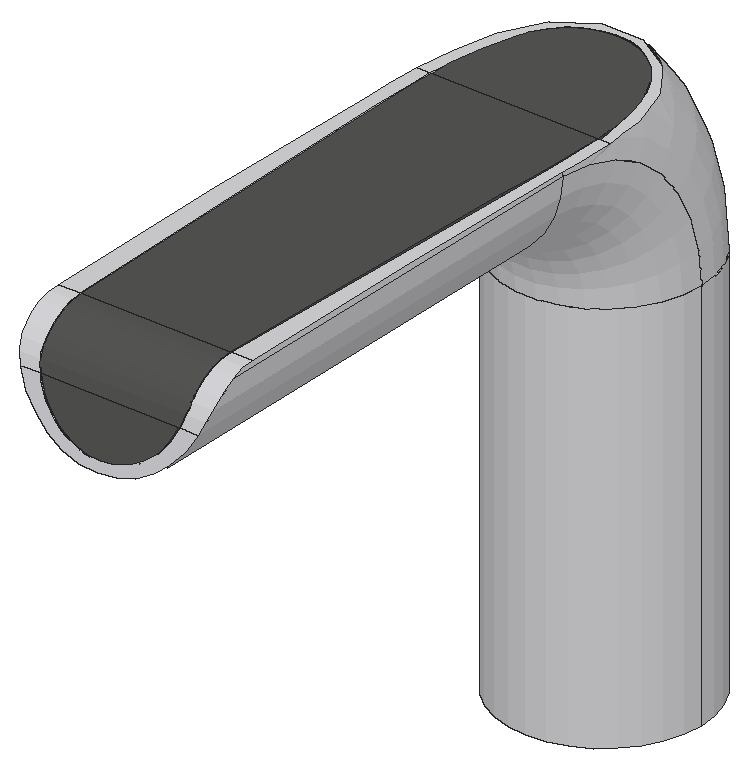
Revit family "Faucet_Touchless-Lavatory-KOHLER-AVID-K-29937T_1", category Plumbing Fixtures, host Face, Revit 2017
Family settings
  Host = Face
  Round Connector Dimension = Use Diameter
  Part Type = Normal
  OmniClass Number = 23.31.11.00
  OmniClass Title = Faucets
  Cut with Voids When Loaded = No
  Shared = No
  Room Calculation Point = No
Parameters (values of type "CP- Polished Chrome")
  Width = 2 1/128"  # constant formula
  WaterSense Certified = 1 = 0  # no
  Waste Water Outlet = "Waste Water Outlet"  # constant formula
  Waste Connection = 1 = 0  # no
  Voltage = 220 V  # constant formula
  Vent Connection = 1 = 0  # no
  URL = "http://www.kohler.com.cn/"
  Type = 1
  Tempered Water Inlet = "Tempered Water Inlet"  # constant formula
  Spout Reach = 5 81/256"  # constant formula
  Product Page URL = "https://www.kohler.com.cn/product/K-29937T-CP/K-29937T-CP/"
  Product Name = "AVID"  # constant formula
  Product Documentation Link = "https://files.kohler.com.cn/pdfs/1567504503784_29936T.pdf"
  Pressure = 60.00 psi  # constant formula
  Model = "K-29937T-CP"  # constant formula
  Material = "Premium Metal Construction"  # constant formula
  Master Format 2014 Name = "Residential Faucets, Supplies, and Trim"  # constant formula
  Master Format 2014 = "22 41 39"  # constant formula
  Manufacturer Address = "Kohler Beijing Office (100016) 36-2-03-B, No. 88, Liuxiang Road, Beijing"  # constant formula
  Manufacturer = "KOHLER Co."  # constant formula
  Length = Spout Reach  # 5 81/256"
  Hot Water Inlet = "Hot Water Inlet"  # constant formula
  Height = 5 121/128"  # constant formula
  Handle Clearance = 0"
  HW Connection = 1 = 1  # yes
  Flow Rate = 0.5 GPM  # constant formula
  Finish = Kohler-Metal-CP-Polished_Chrome
  Faucet Hole Spacing = 0"
  Environmental Product Declaration = ""
  Electrical Note = "One Dedicated Circuit Required"  # constant formula
  Electrical Connector = 1 = 1  # yes
  Drain Included = 1 = 1  # yes
  Description = "Soap liquid sensor faucet hot and cold, AC with power box, 1.9 liters"  # constant formula
  Default Elevation = 36"
  Declare Label = ""
  Date Modified = "06/21/2021"  # constant formula
  Date Created = "06/21/2021"  # constant formula
  Copyright = "Copyright KOHLER Co."  # constant formula
  Contact Us = "http://www.kohler.com.cn/contact/contact-us/"
  Cold Water Inlet = "Cold Water Inlet"  # constant formula
  CW Connection = 1 = 0  # no
  Assembly Code = "D2010"
  Apparent Load = 0 VA
  ADA Compliant = 1 = 0  # no
Reference planes (in)
  plane 1 "Center (Front/Back)": y = 0
  plane 2: z = 0
  plane 3 "Center (Left/Right)": x = 0
  plane 4: y = 1.00394
  plane 5: y = -1.00394
  plane 6: y = -5.31641
  plane 7: z = 5.94531
  plane 8: z = 4.84252
  plane 9: y = -6.51575
  plane 10: x = -1.00394
  plane 11: x = 1.00388
  plane 12: x = -0.53355
Dimensions and locks (in)
  "Width": plane 10 to plane 11
  plane 4 to plane 9 = 7.51969"
  "Length": plane 6 to plane 1 "Center (Front/Back)"
  "Height": level to plane 7
  "Spout Reach": plane 1 "Center (Front/Back)" to plane 6
  level to plane 8 = 4.84252"
  aligned and locked: plane 2 to host face
  aligned and locked: level to host face
  aligned and locked: plane 3 "Center (Left/Right)" to nested 1
  aligned and locked: plane 1 "Center (Front/Back)" to nested 1
Automatic sketch dimensions
  host sketch curve to host sketch curve = 96"  (x2)
Nested families (in)
  nested 1: "K-29937T" at (0, 0, 0), type "K-29937T"
Connectors (in)
  piping at (0, 0, 0), diameter 0.5, driven by "Flow Rate", driven by "Pressure", driven by "HW Connection", driven by "Tempered Water Inlet"
    settings: on nested 1, index 1, connector inside diameter 24", connector length 0", flow factor 0, pipe flow 0.5 GPM, pressure drop 60.00 psi, fitting loss kfactor 0, connector angle 0.00°, fixture units 0, engagement length 0", angle of deflection 0.00°, flow configuration 1, flow direction 1, fitting loss method 4, system type 7, joint type 0, gender type 0, connector reference index -1, connector utility 1, adjustable connector no, is connector primary yes, connector description "Tempered Water Inlet"
  electrical at (-0.53355, 0, 0), driven by "Voltage", driven by "Apparent Load", driven by "Electrical Connector", driven by "Electrical Note"
    settings: on nested 1, index 2, voltage 220 V, apparent load 0 VA, apparent load phase1 0 VA, apparent load phase2 0 VA, apparent load phase3 0 VA, power factor 1, load classification "Power", number of poles 1, system type 30, power factor state 1, is connector primary yes, connector utility yes, sub classification motor no, connector description "One Dedicated Circuit Required"
Definition of nested family "K-29937T"
  Parameters (values of type "K-29937T")
    Material = none
  Reference planes (in)
    plane 1 "Center (Front/Back)": y = 0
    plane 2: z = 0
    plane 3 "Center (Left/Right)": x = 0
    plane 4: y = 1.00394
    plane 5: y = -1.00394
    plane 6: z = 4.84252
    plane 7: y = -6.51575
    plane 8: y = -5.31496
    plane 9: z = 5.94488
    plane 10: x = -1.00394
    plane 11: x = 1.00394
    plane 12: x = -0.53355
  Forms (in)
    Sweep 1, solid, material <- "Material", detail levels medium+fine
      path origin (0, 0, 0) x (0, 1, 0) y (0, 0, 1)
        loop
          line (-7.30315, 4.84252) -> (-1.79134, 4.84252)
          arc (-1.79134, 4.84252) -> (-1.23456, 4.6119) -> (-1.00394, 4.05512) r 0.7874
          line (-1.00394, 4.05512) -> (-1.00394, 0)
      profile origin (0, -1.00394, 0) x (1, 0, 0) y (0, 1, 0)
        loop
          circle (0, 1.00394) r 1.00394
    Sweep 2, void
      path origin (0, 0, 0) x (0, 1, 0) y (0, 0, 1)
        loop
          arc (1.71456, 6.26022) -> (0.2916, 5.95518) -> (-1.16145, 5.8743) r 9.36409
          arc (-1.16145, 5.8743) -> (-3.46683, 5.90671) -> (-5.77244, 5.90165) r 141.85922
          arc (-5.77244, 5.90165) -> (-6.1455, 5.77178) -> (-6.36411, 5.44278) r 0.61915
          line (-6.36411, 5.44278) -> (-6.61885, 4.49206)
      profile origin (0, -3.46683, 5.90671) x (0, -0.00593, -0.999982) y (1, 0, 0)
        loop
          line (0, -1.12832) -> (0, 1.0801) -> (-1.5748, 1.0801) -> (-1.5748, -1.12832) -> (0, -1.12832)
    Extrusion 3, void
      sketch origin (0, 0, 0) x (1, 0, 0) y (0, 1, 0)
        loop
          line (0.75256, -6.71304) -> (0.85261, -2.38233)
          arc (0.85261, -2.38233) -> (0.85983, -2.03068) -> (0.86522, -1.679) r 68.00565
          arc (0.86522, -1.679) -> (0.86542, -1.37934) -> (0.85836, -1.07977) r 12.37796
          arc (0.85836, -1.07977) -> (0.84038, -0.85539) -> (0.80261, -0.63349) r 2.54101
          arc (0.80261, -0.63349) -> (0.76559, -0.49133) -> (0.7168, -0.35276) r 1.75429
          arc (0.7168, -0.35276) -> (0.63216, -0.18968) -> (0.5173, -0.04627) r 0.9361
          arc (0.5173, -0.04627) -> (-0.08895, 0.16898) -> (-0.63027, -0.17865) r 0.73043
          arc (-0.63027, -0.17865) -> (-0.65047, -0.21403) -> (-0.66886, -0.25038) r 0.80982
          arc (-0.66886, -0.25038) -> (-0.78695, -0.56902) -> (-0.84719, -0.90345) r 1.92533
          arc (-0.84719, -0.90345) -> (-0.86258, -1.13579) -> (-0.86695, -1.36859) r 4.91548
          arc (-0.86695, -1.36859) -> (-0.86208, -1.87535) -> (-0.85244, -2.38203) r 53.90553
          line (-0.85244, -2.38203) -> (-0.7497, -6.71304) -> (0.75256, -6.71304)
      from 6.22945 to 5.70304
    Extrusion 4, void
      sketch origin (0, 0, 0) x (1, 0, 0) y (0, 0, 1)
        loop
          arc (-0.76139, 5.70304) -> (0.00128, 4.94038) -> (0.76394, 5.70304) r 0.76266
          line (0.76394, 5.70304) -> (-0.76139, 5.70304)
      from 5.6115 to 6.89926
    Extrusion 5, solid
      sketch origin (0, 0, 0) x (1, 0, 0) y (0, 1, 0)
        loop
          line (0.75256, -6.71304) -> (0.85261, -2.38233)
          arc (0.85261, -2.38233) -> (0.85983, -2.03068) -> (0.86522, -1.679) r 68.00565
          arc (0.86522, -1.679) -> (0.86542, -1.37934) -> (0.85836, -1.07977) r 12.37796
          arc (0.85836, -1.07977) -> (0.84038, -0.85539) -> (0.80261, -0.63349) r 2.54101
          arc (0.80261, -0.63349) -> (0.76559, -0.49133) -> (0.7168, -0.35276) r 1.75429
          arc (0.7168, -0.35276) -> (0.63216, -0.18968) -> (0.5173, -0.04627) r 0.9361
          arc (0.5173, -0.04627) -> (-0.08895, 0.16898) -> (-0.63027, -0.17865) r 0.73043
          arc (-0.63027, -0.17865) -> (-0.65047, -0.21403) -> (-0.66886, -0.25038) r 0.80982
          arc (-0.66886, -0.25038) -> (-0.78695, -0.56902) -> (-0.84719, -0.90345) r 1.92533
          arc (-0.84719, -0.90345) -> (-0.86258, -1.13579) -> (-0.86695, -1.36859) r 4.91548
          arc (-0.86695, -1.36859) -> (-0.86208, -1.87535) -> (-0.85244, -2.38203) r 53.90553
          line (-0.85244, -2.38203) -> (-0.7497, -6.71304) -> (0.75256, -6.71304)
      from 4.7703 to 6.07648
    Extrusion 6, void
      sketch origin (0, 0, 0) x (1, 0, 0) y (0, 0, 1)
        loop
          line (-0.75249, 5.58692) -> (-1.05093, 5.58692) -> (-1.05093, 4.52193) -> (1.15764, 4.52193) -> (1.15764, 5.58692) -> (0.75505, 5.58692)
          arc (0.75505, 5.58692) -> (0.00128, 4.94038) -> (-0.75249, 5.58692) r 0.76266
      from -0.59237 to 6.63358
    Revolve 7, void
      sketch origin (0, 0, 0) x (0, 1, 0) y (0, 0, 1)
        loop
          line (-5.05394, 4.72086) -> (-5.02788, 4.86862) -> (-5.28993, 4.91483) -> (-5.31598, 4.76707) -> (-5.05394, 4.72086)
        axis (-5.31598, 4.76707) -> (-5.28993, 4.91483)
      angle from 0 to 360
    Extrusion 8, void
      sketch origin (0, 0, 0) x (1, 0, 0) y (0, 1, 0)
        loop
          line (0.10015, -5.81283) -> (-0.09922, -5.81283)
          arc (-0.09922, -5.81283) -> (-0.35026, -6.06388) -> (-0.09922, -6.31492) r 0.25104
          line (-0.09922, -6.31492) -> (0.10015, -6.31492)
          arc (0.10015, -6.31492) -> (0.35119, -6.06388) -> (0.10015, -5.81283) r 0.25104
      from 4.51646 to 4.92465
    Extrusion 9, void
      sketch origin (0, 0, 0) x (1, 0, 0) y (0, 1, 0)
        loop
          circle (-0.00068, -4.68516) r 0.06877
        loop
          circle (0.00049, -2.32263) r 0.12865
      from 4.71433 to 4.87664
    Revolve 10, solid, material <- "Material"
      sketch origin (0, 0, 0) x (0, 1, 0) y (0, 0, 1)
        loop
          line (-5.06328, 4.79112) -> (-5.03821, 4.81142) -> (-5.02812, 4.86867) -> (-5.07956, 4.87774) -> (-5.09388, 4.79651) -> (-5.06328, 4.79112)
        axis (-5.28932, 4.91472) -> (-5.30364, 4.8335)
      angle from 0 to 360
    Extrusion 11, solid, detail levels medium+fine
      sketch origin (0, 0, 0) x (1, 0, 0) y (0, 1, 0)
        loop
          circle (-0.00068, -4.68516) r 0.06877
        loop
          circle (-0.00068, -4.68516) r 0.03885
      from 4.84252 to 4.87664
    Revolve 12, solid, detail levels medium+fine
      sketch origin (0, 0, 0.01692) x (0, 1, 0) y (0, 0, 1)
        loop
          line (-2.323, 4.83465) -> (-2.323, 5.00035) -> (-2.45057, 5.00035) -> (-2.45057, 4.85518)
          arc (-2.45057, 4.85518) -> (-2.44456, 4.84066) -> (-2.43004, 4.83465) r 0.02053
          line (-2.43004, 4.83465) -> (-2.323, 4.83465)
        axis (-2.323, 4.83465) -> (-2.323, 5.00035)
      angle from 0 to 360
    Extrusion 13, solid
      sketch origin (0, 0, 0) x (1, 0, 0) y (0, 1, 0)
        loop
          line (0.10015, -5.81283) -> (-0.09922, -5.81283)
          arc (-0.09922, -5.81283) -> (-0.35026, -6.06388) -> (-0.09922, -6.31492) r 0.25104
          line (-0.09922, -6.31492) -> (0.10015, -6.31492)
          arc (0.10015, -6.31492) -> (0.35119, -6.06388) -> (0.10015, -5.81283) r 0.25104
      from 4.90591 to 4.94168
    Extrusion 14, solid
      sketch origin (0, -5.30364, 4.8335) x (-1, 0, 0) y (0, 0.984808, -0.173648)
        loop
          circle (0, 0) r 0.213
      from 0 to -0.1162
    Sweep 15, solid, material <- "Material", detail levels coarse
      path origin (0, 0, 0) x (0, 1, 0) y (0, 0, 1)
        loop
          line (-7.30315, 4.84252) -> (-1.00394, 4.84252) -> (-1.00394, 0)
      profile origin (0, -1.00394, 0) x (1, 0, 0) y (0, 1, 0)
        loop
          circle (0, 1.00394) r 1.00394
    Extrusion 16, solid, material <- "Material", detail levels medium+fine
      sketch origin (0, 0, 0) x (1, 0, 0) y (0, 1, 0)
        loop
          circle (0, 0) r 0.19685
      from 0 to 0.06787
    Extrusion 17, solid, material <- "Material", detail levels medium+fine
      sketch origin (0, 0, 0) x (1, 0, 0) y (0, 1, 0)
        loop
          circle (-0.53355, 0) r 0.19685
      from 0 to 0.21681
  Cuts and joins
    Sweep 2, Extrusion 3, Extrusion 4, Revolve 7, Extrusion 8, Extrusion 9 cuts Sweep 1
    Sweep 2, Extrusion 6 cuts Extrusion 5
    Sweep 2, Extrusion 3, Extrusion 4, Revolve 7, Extrusion 8 cuts Sweep 15
  Lines and regions (in)
    Masking region 1
      outline origin (0, 0, 0) x (0, 1, 0) y (0, 0, 1)
        loop
          line (-1.00394, 0) -> (1.00394, 0) -> (1.00394, 4.04902)
          arc (1.00394, 4.04902) -> (0.81298, 5.0662) -> (0.26612, 5.94488) r 2.80467
          arc (0.26612, 5.94488) -> (-0.4464, 5.88404) -> (-1.16145, 5.8743) r 9.99228
          arc (-1.16145, 5.8743) -> (-3.46683, 5.90671) -> (-5.77244, 5.90165) r 141.85922
          arc (-5.77244, 5.90165) -> (-6.1455, 5.77178) -> (-6.36411, 5.44278) r 0.61915
          line (-6.36411, 5.44278) -> (-6.51575, 4.84252) -> (-6.32335, 4.84252)
          arc (-6.32335, 4.84252) -> (-6.28819, 4.86407) -> (-6.24999, 4.87959) r 0.25187
          arc (-6.24999, 4.87959) -> (-6.06384, 4.90811) -> (-5.87768, 4.87959) r 0.62181
          arc (-5.87768, 4.87959) -> (-5.84105, 4.86428) -> (-5.80783, 4.84252) r 0.21621
          line (-5.80783, 4.84252) -> (-5.57287, 4.84252)
          arc (-5.57287, 4.84252) -> (-5.52591, 4.85451) -> (-5.47842, 4.86422) r 1.00106
          line (-5.47842, 4.86422) -> (-5.06319, 4.791) -> (-5.03927, 4.81037) -> (-5.03065, 4.84252) -> (-2.45078, 4.84252)
          arc (-2.45078, 4.84252) -> (-2.32225, 4.85069) -> (-2.19372, 4.84252) r 1.01551
          line (-2.19372, 4.84252) -> (-1.79134, 4.84252)
          arc (-1.79134, 4.84252) -> (-1.23456, 4.6119) -> (-1.00394, 4.05512) r 0.7874
          line (-1.00394, 4.05512) -> (-1.00394, 0)
    Masking region 2
      outline origin (0, 0, 0) x (1, 0, 0) y (0, 0, 1)
        loop
          line (-1.00394, 0) -> (1.00394, 0) -> (1.00394, 5.90918) -> (0.71395, 5.90918)
          arc (0.71395, 5.90918) -> (0, 5.94488) -> (-0.71395, 5.90918) r 7.15661
          line (-0.71395, 5.90918) -> (-1.00394, 5.90918) -> (-1.00394, 0)
    Masking region 3
      outline origin (0, 0, 0) x (1, 0, 0) y (0, 1, 0)
        loop
          spline (-1.00394, -6.02166) -> (-1.00372, -6.06342) -> (-1.00295, -6.10306) -> (-1.00141, -6.14067) -> (-0.99889, -6.17628) -> (-0.99516, -6.20966) -> (-0.98998, -6.24051) -> (-0.98314, -6.26857) -> (-0.97449, -6.29367) -> (-0.96395, -6.31569) -> (-0.95138, -6.33455) -> (-0.93663, -6.35025) -> (-0.91952, -6.36283)
          arc (-0.91952, -6.36283) -> (-0.83921, -6.40442) -> (-0.75427, -6.43548) r 0.71095
          arc (-0.75427, -6.43548) -> (-0.57354, -6.47894) -> (-0.38932, -6.50381) r 1.82641
          arc (-0.38932, -6.50381) -> (0, -6.51575) -> (0.38932, -6.50381) r 6.3551
          arc (0.38932, -6.50381) -> (0.57354, -6.47894) -> (0.75427, -6.43548) r 1.82641
          arc (0.75427, -6.43548) -> (0.83921, -6.40442) -> (0.91952, -6.36283) r 0.71095
          spline (0.91952, -6.36283) -> (0.93663, -6.35025) -> (0.95138, -6.33455) -> (0.96395, -6.31569) -> (0.97449, -6.29367) -> (0.98314, -6.26857) -> (0.98998, -6.24051) -> (0.99516, -6.20966) -> (0.99889, -6.17628) -> (1.00141, -6.14067) -> (1.00295, -6.10306) -> (1.00372, -6.06342) -> (1.00394, -6.02166)
          line (1.00394, -6.02166) -> (1.00394, 0.00008)
          arc (1.00394, 0.00008) -> (0, 1.00402) -> (-1.00394, 0.00008) r 1.00394
          line (-1.00394, 0.00008) -> (-1.00394, -6.02166)
    symbolic lines, detail levels medium+fine
      curve 1: line (0, -1.00394, 4.05512) -> (0, 1.00393, 4.05512)
      curve 2: line (0, -2.32263, 4.85068) -> (0, -2.32263, 5.89531)
      curve 3: arc (0, 0.27665, 5.93333) -> (0, -0.4411, 5.86633) -> (0, -1.16189, 5.85462) r 9.38377
      curve 4: arc (0, -1.16189, 5.85462) -> (0, -3.46695, 5.88703) -> (0, -5.77224, 5.88196) r 141.83953
      curve 5: arc (0, -5.77224, 5.88196) -> (0, -6.13338, 5.75627) -> (0, -6.34506, 5.43782) r 0.59947
      curve 6: line (0, -6.34506, 5.43782) -> (0, -6.49544, 4.84252)
      curve 7: arc (0, -5.03249, 4.84252) -> (0, -5.25424, 4.87836) -> (0, -5.47842, 4.86422) r 1.00847
      curve 8: line (0, -5.03821, 4.81142) -> (0, -5.39883, 4.87501)
      curve 9: arc (0, -4.61639, 4.84252) -> (0, -4.68516, 4.84492) -> (0, -4.75393, 4.84252) r 0.98449
      curve 10: arc (-1.00394, 0, 5.84646) -> (0, 0, 4.84252) -> (1.00394, 0, 5.84646) r 1.00394
      curve 11: spline (0, 0, 4.79112) -> (0.04566, 0, 4.79187) -> (0.08971, 0, 4.79408) -> (0.13059, 0, 4.7977) -> (0.16686, 0, 4.80257) -> (0.19724, 0, 4.80854) -> (0.22065, 0, 4.81539) -> (0.23627, 0, 4.82287) -> (0.24355, 0, 4.83074) -> (0.24223, 0, 4.8387) -> (0.23235, 0, 4.84648) -> (0.21427, 0, 4.8538) -> (0.18862, 0, 4.8604)
      curve 12: spline (-0.18862, 0, 4.8604) -> (-0.21427, 0, 4.8538) -> (-0.23235, 0, 4.84648) -> (-0.24223, 0, 4.8387) -> (-0.24355, 0, 4.83074) -> (-0.23627, 0, 4.82287) -> (-0.22065, 0, 4.81539) -> (-0.19724, 0, 4.80854) -> (-0.16686, 0, 4.80257) -> (-0.13059, 0, 4.7977) -> (-0.08971, 0, 4.79408) -> (-0.04566, 0, 4.79187) -> (0, 0, 4.79112)
      curve 13: spline (0, 0, 4.79651) -> (0.03955, 0, 4.79716) -> (0.07773, 0, 4.79906) -> (0.11321, 0, 4.80217) -> (0.14474, 0, 4.80636) -> (0.17124, 0, 4.8115) -> (0.19179, 0, 4.81741) -> (0.20566, 0, 4.82387) -> (0.21238, 0, 4.83067) -> (0.21171, 0, 4.83757) -> (0.20367, 0, 4.84433) -> (0.18855, 0, 4.85071) -> (0.16688, 0, 4.85649)
      curve 14: spline (-0.16688, 0, 4.85649) -> (-0.18855, 0, 4.85071) -> (-0.20367, 0, 4.84433) -> (-0.21171, 0, 4.83757) -> (-0.21238, 0, 4.83067) -> (-0.20566, 0, 4.82387) -> (-0.19179, 0, 4.81741) -> (-0.17124, 0, 4.8115) -> (-0.14474, 0, 4.80636) -> (-0.11321, 0, 4.80217) -> (-0.07773, 0, 4.79906) -> (-0.03955, 0, 4.79716) -> (0, 0, 4.79651)
      curve 15: arc (0.75505, 0, 5.58692) -> (0.00128, 0, 4.94038) -> (-0.75249, 0, 5.58692) r 0.76266
      curve 16: arc (-0.75249, 0, 5.58692) -> (-0.76569, 0, 5.71635) -> (-0.76558, 0, 5.84646) r 1.27036
      curve 17: arc (-0.76558, 0, 5.84646) -> (-0.77206, 0, 5.8812) -> (-0.79365, 0, 5.90918) r 0.07544
      curve 18: arc (0.77321, 0, 5.88634) -> (0.77104, 0, 5.73621) -> (0.75505, 0, 5.58692) r 1.62798
      curve 19: arc (0.79936, 0, 5.90918) -> (0.78087, 0, 5.90395) -> (0.77321, 0, 5.88634) r 0.02244
      curve 20: line (-0.2417, 0, 4.82761) -> (-0.26528, 0, 4.84668)
      curve 21: line (-0.26528, 0, 4.8782) -> (-0.26528, 0, 4.84668)
      curve 22: line (0.2417, 0, 4.82761) -> (0.26528, 0, 4.84668)
      curve 23: line (0.26528, 0, 4.8782) -> (0.26528, 0, 4.84668)
      curve 24: arc (-0.26528, 0, 4.84668) -> (-0.26209, 0, 4.85815) -> (-0.25343, 0, 4.86632) r 0.0222
      curve 25: arc (-0.25343, 0, 4.86632) -> (-0.24528, 0, 4.86951) -> (-0.23663, 0, 4.87081) r 0.03915
      curve 26: arc (0.26528, 0, 4.84668) -> (0.26209, 0, 4.85815) -> (0.25343, 0, 4.86632) r 0.0222
      curve 27: arc (0.25343, 0, 4.86632) -> (0.24528, 0, 4.86951) -> (0.23663, 0, 4.87081) r 0.03915
      curve 28: line (-1.00394, 0, 4.05512) -> (1.00394, 0, 4.05512)
      curve 29: line (0, 0, 4.05512) -> (0, 0, 4.44882)
      curve 30: arc (0, 0, 4.44882) -> (-0.02495, 0, 4.62854) -> (-0.09791, 0, 4.79468) r 0.65984
      curve 31: arc (0, 0, 4.44882) -> (0.02495, 0, 4.62854) -> (0.09791, 0, 4.79468) r 0.65984
      curve 32: line (-0.71395, 0, 5.90918) -> (0.71395, 0, 5.90918)
      curve 33: arc (0.5173, -0.04627, 0) -> (-0.08895, 0.16898, 0) -> (-0.63027, -0.17865, 0) r 0.73043
      curve 34: arc (-0.66886, -0.25038, 0) -> (-0.78695, -0.56902, 0) -> (-0.84719, -0.90345, 0) r 1.92533
      curve 35: arc (-0.63027, -0.17865, 0) -> (-0.65047, -0.21403, 0) -> (-0.66886, -0.25038, 0) r 0.80982
      curve 36: arc (0.7168, -0.35276, 0) -> (0.63216, -0.18968, 0) -> (0.5173, -0.04627, 0) r 0.9361
      curve 37: arc (0.80261, -0.63349, 0) -> (0.76559, -0.49133, 0) -> (0.7168, -0.35276, 0) r 1.75429
      curve 38: arc (0.85836, -1.07977, 0) -> (0.84038, -0.85539, 0) -> (0.80261, -0.63349, 0) r 2.54101
      curve 39: arc (0.86522, -1.679, 0) -> (0.86542, -1.37934, 0) -> (0.85836, -1.07977, 0) r 12.37796
      curve 40: arc (0.85261, -2.38233, 0) -> (0.85983, -2.03068, 0) -> (0.86522, -1.679, 0) r 68.00565
      curve 41: line (0.76302, -6.2601, 0) -> (0.85261, -2.38233, 0)
      curve 42: line (-0.85244, -2.38203, 0) -> (-0.76032, -6.26531, 0)
      curve 43: arc (-0.86695, -1.36859, 0) -> (-0.86208, -1.87535, 0) -> (-0.85244, -2.38203, 0) r 53.90553
      curve 44: arc (-0.84719, -0.90345, 0) -> (-0.86258, -1.13579, 0) -> (-0.86695, -1.36859, 0) r 4.91548
      curve 45: spline (-0.70478, -6.37105, 0) -> (-0.71233, -6.36647, 0) -> (-0.71938, -6.36107, 0) -> (-0.72592, -6.35488, 0) -> (-0.73194, -6.34789, 0) -> (-0.73743, -6.34012, 0) -> (-0.74239, -6.33159, 0) -> (-0.74679, -6.32231, 0) -> (-0.75064, -6.31229, 0) -> (-0.75392, -6.30157, 0) -> (-0.75663, -6.29015, 0) -> (-0.75877, -6.27805, 0) -> (-0.76032, -6.26531, 0)
      curve 46: spline (-0.70478, -6.37105, 0) -> (-0.63766, -6.40652, 0) -> (-0.54427, -6.43776, 0) -> (-0.42846, -6.46348, 0) -> (-0.29497, -6.48263, 0) -> (-0.14931, -6.49442, 0) -> (0.00255, -6.49836, 0) -> (0.15435, -6.49428, 0) -> (0.29986, -6.48237, 0) -> (0.43309, -6.46311, 0) -> (0.54857, -6.43728, 0) -> (0.64155, -6.40596, 0) -> (0.70821, -6.37043, 0)
      curve 47: spline (0.70821, -6.37043, 0) -> (0.71617, -6.36553, 0) -> (0.72352, -6.3598, 0) -> (0.73024, -6.35325, 0) -> (0.73633, -6.34588, 0) -> (0.74177, -6.33773, 0) -> (0.74655, -6.3288, 0) -> (0.75066, -6.31911, 0) -> (0.75409, -6.30869, 0) -> (0.75684, -6.29755, 0) -> (0.75889, -6.28571, 0) -> (0.76025, -6.27321, 0) -> (0.76091, -6.26006, 0)
      curve 48: line (0.08778, -0.81205, 0) -> (0.04131, -0.71318, 0)
      curve 49: line (0.03369, -0.80175, 0) -> (-0.01169, -0.70362, 0)
      curve 50: line (0.01927, -0.72345, 0) -> (0.05164, -0.79345, 0)
      curve 51: arc (0.04131, -0.71318, 0) -> (0.02517, -0.70733, 0) -> (0.01927, -0.72345, 0) r 0.01216
      curve 52: arc (0.05164, -0.79345, 0) -> (0.04682, -0.80657, 0) -> (0.03369, -0.80175, 0) r 0.00989
      curve 53: arc (-0.01169, -0.70362, 0) -> (-0.02683, -0.69808, 0) -> (-0.03232, -0.71323, 0) r 0.01138
      curve 54: line (-0.03232, -0.71323, 0) -> (0.01251, -0.80862, 0)
      curve 55: arc (0.01251, -0.80862, 0) -> (0.0076, -0.82225, 0) -> (-0.00603, -0.81734, 0) r 0.01024
      curve 56: line (-0.00603, -0.81734, 0) -> (-0.05863, -0.70544, 0)
      curve 57: arc (-0.05863, -0.70544, 0) -> (-0.07325, -0.70019, 0) -> (-0.07845, -0.71483, 0) r 0.01097
      curve 58: line (-0.07845, -0.71483, 0) -> (-0.02488, -0.82709, 0)
      curve 59: arc (-0.02488, -0.82709, 0) -> (-0.02963, -0.84051, 0) -> (-0.04305, -0.83577, 0) r 0.01007
      curve 60: line (-0.04305, -0.83577, 0) -> (-0.08779, -0.74201, 0)
      curve 61: arc (-0.08779, -0.74201, 0) -> (-0.10654, -0.73529, 0) -> (-0.11341, -0.75398, 0) r 0.01414
      curve 62: line (-0.11341, -0.75398, 0) -> (-0.04281, -0.90842, 0)
      curve 63: arc (-0.04281, -0.90842, 0) -> (-0.08176, -0.90272, 0) -> (-0.12108, -0.90074, 0) r 0.4139
      curve 64: arc (-0.12495, -0.92401, 0) -> (-0.07484, -0.94423, 0) -> (-0.02732, -0.96995, 0) r 0.48069
      curve 65: arc (-0.12108, -0.90074, 0) -> (-0.1329, -0.91073, 0) -> (-0.12495, -0.92401, 0) r 0.01195
      curve 66: arc (-0.02732, -0.96995, 0) -> (-0.01361, -0.97816, 0) -> (0.0003, -0.98603, 0) r 0.64083
      curve 67: arc (0.0003, -0.98603, 0) -> (0.03096, -0.99552, 0) -> (0.06288, -0.99219, 0) r 0.07994
      curve 68: arc (0.06288, -0.99219, 0) -> (0.08204, -0.98403, 0) -> (0.09929, -0.97235, 0) r 0.10811
      curve 69: arc (0.09929, -0.97235, 0) -> (0.11471, -0.95247, 0) -> (0.12026, -0.92792, 0) r 0.05795
      curve 70: arc (0.12026, -0.92792, 0) -> (0.11772, -0.8967, 0) -> (0.10995, -0.86636, 0) r 0.18515
      curve 71: arc (0.10995, -0.86636, 0) -> (0.09957, -0.83892, 0) -> (0.08778, -0.81205, 0) r 0.56412
      curve 72: arc (0.11168, -0.98189, 0) -> (0.13022, -0.95666, 0) -> (0.13599, -0.92589, 0) r 0.07043
      curve 73: arc (0.0593, -1.00836, 0) -> (0.08712, -0.99835, 0) -> (0.11168, -0.98189, 0) r 0.12093
      curve 74: arc (-0.01105, -0.99675, 0) -> (0.02299, -1.00943, 0) -> (0.0593, -1.00836, 0) r 0.09462
      curve 75: arc (-0.12998, -0.9388, 0) -> (-0.06912, -0.9649, 0) -> (-0.01105, -0.99675, 0) r 0.68656
      curve 76: arc (-0.11784, -0.88503, 0) -> (-0.14739, -0.90661, 0) -> (-0.12998, -0.9388, 0) r 0.02781
      curve 77: line (-0.06878, -0.88932, 0) -> (-0.11784, -0.88503, 0)
      curve 78: line (-0.12779, -0.76026, 0) -> (-0.06878, -0.88932, 0)
      curve 79: arc (-0.09541, -0.71789, 0) -> (-0.12431, -0.72935, 0) -> (-0.12779, -0.76026, 0) r 0.03021
      curve 80: arc (-0.04497, -0.69406, 0) -> (-0.07964, -0.68597, 0) -> (-0.09541, -0.71789, 0) r 0.02865
      curve 81: arc (0.00626, -0.69914, 0) -> (-0.01793, -0.68225, 0) -> (-0.04497, -0.69406, 0) r 0.03018
      curve 82: arc (0.05364, -0.70245, 0) -> (0.03092, -0.68689, 0) -> (0.00626, -0.69914, 0) r 0.0272
      curve 83: line (0.09495, -0.79032, 0) -> (0.05364, -0.70245, 0)
      curve 84: arc (0.11796, -0.84272, 0) -> (0.10679, -0.81637, 0) -> (0.09495, -0.79032, 0) r 1.11888
      curve 85: arc (0.132, -0.89037, 0) -> (0.12619, -0.86619, 0) -> (0.11796, -0.84272, 0) r 0.24472
      curve 86: arc (0.13599, -0.92589, 0) -> (0.13465, -0.90806, 0) -> (0.132, -0.89037, 0) r 0.24472
      curve 87: arc (0.22355, -0.94411, 0) -> (0.24385, -0.88538, 0) -> (0.24038, -0.82335, 0) r 0.16084
      curve 88: arc (0.21862, -0.82894, 0) -> (0.22167, -0.8823, 0) -> (0.20415, -0.93278, 0) r 0.13747
      curve 89: arc (0.18821, -0.91863, 0) -> (0.20026, -0.8799, 0) -> (0.19936, -0.83934, 0) r 0.12578
      curve 90: arc (0.17875, -0.84325, 0) -> (0.17989, -0.8773, 0) -> (0.17045, -0.91004, 0) r 0.10898
      curve 91: arc (0.19936, -0.83934, 0) -> (0.1871, -0.83096, 0) -> (0.17875, -0.84325, 0) r 0.01049
      curve 92: arc (0.24038, -0.82335, 0) -> (0.2267, -0.81525, 0) -> (0.21862, -0.82894, 0) r 0.01123
      curve 93: arc (0.20415, -0.93278, 0) -> (0.20818, -0.94816, 0) -> (0.22355, -0.94411, 0) r 0.01123
      curve 94: arc (0.17045, -0.91004, 0) -> (0.17509, -0.9231, 0) -> (0.18821, -0.91863, 0) r 0.00986
      curve 95: arc (-0.21869, -0.8682, 0) -> (-0.22132, -0.81482, 0) -> (-0.2034, -0.76448, 0) r 0.13747
      curve 96: arc (-0.22271, -0.753, 0) -> (-0.24347, -0.81156, 0) -> (-0.24049, -0.87362, 0) r 0.16084
      curve 97: arc (-0.2034, -0.76448, 0) -> (-0.20731, -0.74907, 0) -> (-0.22271, -0.753, 0) r 0.01123
      curve 98: arc (-0.24049, -0.87362, 0) -> (-0.22688, -0.88183, 0) -> (-0.21869, -0.8682, 0) r 0.01123
      curve 99: arc (-0.18624, -0.78001, 0) -> (-0.19984, -0.81822, 0) -> (-0.20057, -0.85878, 0) r 0.12578
      curve 100: arc (-0.1679, -0.79019, 0) -> (-0.17196, -0.7759, 0) -> (-0.18624, -0.78001, 0) r 0.01049
      curve 101: arc (-0.18102, -0.85621, 0) -> (-0.17968, -0.82216, 0) -> (-0.1679, -0.79019, 0) r 0.10898
      curve 102: arc (-0.20057, -0.85878, 0) -> (-0.18952, -0.86715, 0) -> (-0.18102, -0.85621, 0) r 0.00986
      curve 103: line (-0.00412, -1.39478, 0) -> (0.15044, -1.39478, 0)
      curve 104: line (0.12445, -1.37678, 0) -> (0.12445, -1.33741, 0)
      curve 105: line (0.12445, -1.33741, 0) -> (0.09369, -1.33741, 0)
      curve 106: line (0.09369, -1.33741, 0) -> (0.09369, -1.27442, 0)
      curve 107: line (0.15589, -1.37678, 0) -> (0.12445, -1.37678, 0)
      curve 108: arc (0.19821, -1.4191, 0) -> (0.18581, -1.38918, 0) -> (0.15589, -1.37678, 0) r 0.04232
      curve 109: arc (0.15044, -1.39478, 0) -> (0.16714, -1.4017, 0) -> (0.17406, -1.41839, 0) r 0.02362
      curve 110: line (0.17406, -1.41839, 0) -> (0.17406, -1.47214, 0)
      curve 111: line (0.19821, -1.47214, 0) -> (0.19821, -1.4191, 0)
      curve 112: arc (0.17406, -1.47214, 0) -> (0.18614, -1.48421, 0) -> (0.19821, -1.47214, 0) r 0.01207
      curve 113: line (0.13198, -1.23505, 0) -> (0.04034, -1.23505, 0)
      curve 114: arc (0.13198, -1.27442, 0) -> (0.15167, -1.25473, 0) -> (0.13198, -1.23505, 0) r 0.01969
      curve 115: line (0.09369, -1.27442, 0) -> (0.13198, -1.27442, 0)
      curve 116: arc (0.04034, -1.23505, 0) -> (-0.00015, -1.24128, 0) -> (-0.0369, -1.2594, 0) r 0.13468
      curve 117: line (-0.0369, -1.2594, 0) -> (-0.08881, -1.29575, 0)
      curve 118: arc (-0.08881, -1.29575, 0) -> (-0.09174, -1.31017, 0) -> (-0.07749, -1.31385, 0) r 0.01069
      curve 119: line (-0.07749, -1.31385, 0) -> (-0.02508, -1.2848, 0)
      curve 120: arc (-0.02508, -1.2848, 0) -> (-0.00567, -1.27706, 0) -> (0.01505, -1.27442, 0) r 0.08279
      curve 121: line (0.01505, -1.27442, 0) -> (0.0542, -1.27442, 0)
      curve 122: line (0.0542, -1.27442, 0) -> (0.0542, -1.33741, 0)
      curve 123: line (0.0542, -1.33741, 0) -> (0.02311, -1.33741, 0)
      curve 124: line (0.02311, -1.33741, 0) -> (0.02311, -1.37678, 0)
      curve 125: line (0.02311, -1.37678, 0) -> (-0.01152, -1.37678, 0)
      curve 126: arc (-0.02616, -1.41682, 0) -> (-0.01971, -1.40124, 0) -> (-0.00412, -1.39478, 0) r 0.02204
      curve 127: arc (-0.01152, -1.37678, 0) -> (-0.03787, -1.38769, 0) -> (-0.04878, -1.41403, 0) r 0.03725
      curve 128: line (-0.02617, -1.47026, 0) -> (-0.02616, -1.41682, 0)
      curve 129: line (-0.04878, -1.41403, 0) -> (-0.04878, -1.47025, 0)
      curve 130: arc (-0.04878, -1.47025, 0) -> (-0.03747, -1.48156, 0) -> (-0.02617, -1.47026, 0) r 0.0113
      curve 131: arc (-0.07393, -1.37203, 0) -> (-0.08924, -1.35672, 0) -> (-0.10456, -1.37203, 0) r 0.01531
      curve 132: arc (-0.10456, -1.37203, 0) -> (-0.08924, -1.38734, 0) -> (-0.07393, -1.37203, 0) r 0.01531
      curve 133: arc (-0.15085, -1.4582, 0) -> (-0.13791, -1.46827, 0) -> (-0.12186, -1.4716, 0) r 0.03614
      curve 134: arc (-0.12186, -1.4716, 0) -> (-0.10676, -1.46841, 0) -> (-0.09379, -1.46003, 0) r 0.04239
      curve 135: arc (-0.09379, -1.46003, 0) -> (-0.08865, -1.42229, 0) -> (-0.12443, -1.40925, 0) r 0.03035
      curve 136: arc (-0.12443, -1.40925, 0) -> (-0.15168, -1.38814, 0) -> (-0.17242, -1.41566, 0) r 0.02421
      curve 137: arc (-0.17242, -1.41566, 0) -> (-0.19029, -1.45146, 0) -> (-0.15085, -1.4582, 0) r 0.02492
      curve 138: line (-0.04473, -5.22764, 0) -> (-0.04851, -5.19685, 0)
      curve 139: arc (-0.06665, -5.22995, 0) -> (-0.05452, -5.23994, 0) -> (-0.04473, -5.22764, 0) r 0.01102
      curve 140: arc (-0.04851, -5.19685, 0) -> (-0.06001, -5.18771, 0) -> (-0.06936, -5.19904, 0) r 0.01048
      curve 141: line (-0.06936, -5.19904, 0) -> (-0.06665, -5.22995, 0)
      curve 142: arc (-0.04099, -5.25453, 0) -> (-0.05249, -5.24538, 0) -> (-0.06183, -5.25672, 0) r 0.01048
      curve 143: line (-0.03717, -5.28567, 0) -> (-0.04099, -5.25453, 0)
      curve 144: line (-0.06183, -5.25672, 0) -> (-0.0591, -5.28797, 0)
      curve 145: arc (-0.0591, -5.28797, 0) -> (-0.04696, -5.29798, 0) -> (-0.03717, -5.28567, 0) r 0.01103
      curve 146: line (-0.07418, -5.14241, 0) -> (-0.07144, -5.17369, 0)
      curve 147: arc (-0.05334, -5.14022, 0) -> (-0.06483, -5.13107, 0) -> (-0.07418, -5.14241, 0) r 0.01048
      curve 148: line (-0.04951, -5.17139, 0) -> (-0.05334, -5.14022, 0)
      curve 149: arc (-0.07144, -5.17369, 0) -> (-0.0593, -5.1837, 0) -> (-0.04951, -5.17139, 0) r 0.01103
      curve 150: arc (-0.10685, -5.14241, 0) -> (-0.1162, -5.13107, 0) -> (-0.12769, -5.14022, 0) r 0.01048
      curve 151: line (-0.10959, -5.17369, 0) -> (-0.10685, -5.14241, 0)
      curve 152: line (-0.12769, -5.14022, 0) -> (-0.13152, -5.17139, 0)
      curve 153: arc (-0.13152, -5.17139, 0) -> (-0.12173, -5.1837, 0) -> (-0.10959, -5.17369, 0) r 0.01103
      curve 154: arc (-0.11167, -5.19904, 0) -> (-0.12102, -5.18771, 0) -> (-0.13251, -5.19685, 0) r 0.01048
      curve 155: line (-0.11438, -5.22995, 0) -> (-0.11167, -5.19904, 0)
      curve 156: line (-0.13251, -5.19685, 0) -> (-0.13629, -5.22764, 0)
      curve 157: arc (-0.13629, -5.22764, 0) -> (-0.12651, -5.23994, 0) -> (-0.11438, -5.22995, 0) r 0.01102
      curve 158: arc (-0.1192, -5.25672, 0) -> (-0.12854, -5.24538, 0) -> (-0.14004, -5.25453, 0) r 0.01048
      curve 159: line (-0.14004, -5.25453, 0) -> (-0.14386, -5.28567, 0)
      curve 160: line (-0.12193, -5.28797, 0) -> (-0.1192, -5.25672, 0)
      curve 161: arc (-0.14386, -5.28567, 0) -> (-0.13407, -5.29798, 0) -> (-0.12193, -5.28797, 0) r 0.01103
      curve 162: arc (-0.07808, -5.13955, 0) -> (-0.08834, -5.12904, 0) -> (-0.09903, -5.13912, 0) r 0.01048
      curve 163: line (-0.09903, -5.13912, 0) -> (-0.10022, -5.1705, 0)
      curve 164: line (-0.07817, -5.17096, 0) -> (-0.07808, -5.13955, 0)
      curve 165: arc (-0.10022, -5.1705, 0) -> (-0.08943, -5.18195, 0) -> (-0.07817, -5.17096, 0) r 0.01103
      curve 166: line (-0.08047, -5.22736, 0) -> (-0.08037, -5.19634, 0)
      curve 167: arc (-0.08037, -5.19634, 0) -> (-0.09063, -5.18583, 0) -> (-0.10132, -5.19591, 0) r 0.01048
      curve 168: line (-0.10132, -5.19591, 0) -> (-0.1025, -5.22691, 0)
      curve 169: arc (-0.1025, -5.22691, 0) -> (-0.09171, -5.23835, 0) -> (-0.08047, -5.22736, 0) r 0.01102
      curve 170: arc (-0.08011, -5.25451, 0) -> (-0.09037, -5.244, 0) -> (-0.10106, -5.25408, 0) r 0.01048
      curve 171: line (-0.08021, -5.28588, 0) -> (-0.08011, -5.25451, 0)
      curve 172: line (-0.10106, -5.25408, 0) -> (-0.10225, -5.28543, 0)
      curve 173: arc (-0.10225, -5.28543, 0) -> (-0.09146, -5.29687, 0) -> (-0.08021, -5.28588, 0) r 0.01103
      curve 174: line (-0.13424, -5.11979, 0) -> (-0.04679, -5.11979, 0)
      curve 175: line (-0.13424, -5.0804, 0) -> (-0.13424, -5.11979, 0)
      curve 176: line (-0.04679, -5.11979, 0) -> (-0.04679, -5.08038, 0)
      curve 177: line (-0.11625, -5.08041, 0) -> (-0.06458, -5.08041, 0)
      curve 178: line (-0.13442, -5.01647, 0) -> (0.16576, -5.01647, 0)
      curve 179: arc (-0.13442, -5.0593, 0) -> (-0.15584, -5.03788, 0) -> (-0.13442, -5.01647, 0) r 0.02142
      curve 180: line (0.16654, -5.0593, 0) -> (-0.13442, -5.0593, 0)
      curve 181: line (-0.11625, -5.11271, 0) -> (-0.11625, -5.08041, 0)
      curve 182: line (-0.06458, -5.08041, 0) -> (-0.06458, -5.11271, 0)
      curve 183: arc (-0.13521, -4.99539, 0) -> (-0.17772, -5.03839, 0) -> (-0.13424, -5.0804, 0) r 0.04251
      curve 184: line (0.16576, -4.99539, 0) -> (-0.13521, -4.99539, 0)
      curve 185: arc (0.16576, -5.01647, 0) -> (0.1763, -5.00593, 0) -> (0.16576, -4.99539, 0) r 0.01054
      curve 186: arc (0.16654, -5.08038, 0) -> (0.17708, -5.06984, 0) -> (0.16654, -5.0593, 0) r 0.01054
      curve 187: line (-0.04679, -5.08038, 0) -> (0.16654, -5.08038, 0)
      curve 188: line (-0.06458, -5.11271, 0) -> (-0.11625, -5.11271, 0)
      curve 189: arc (-0.68664, -0.24194, 0) -> (-0.6678, -0.2047, 0) -> (-0.64711, -0.16846, 0) r 0.8295
      curve 190: arc (-0.86679, -0.90168, 0) -> (-0.80594, -0.56383, 0) -> (-0.68664, -0.24194, 0) r 1.94501
      curve 191: arc (-0.64711, -0.16846, 0) -> (-0.09121, 0.18853, 0) -> (0.53138, -0.03252, 0) r 0.75012
      curve 192: arc (0.53138, -0.03252, 0) -> (0.64866, -0.17894, 0) -> (0.73508, -0.34546, 0) r 0.95578
      curve 193: arc (0.73508, -0.34546, 0) -> (0.78441, -0.48558, 0) -> (0.82185, -0.62933, 0) r 1.77397
      curve 194: arc (0.82185, -0.62933, 0) -> (0.85991, -0.85295, 0) -> (0.87803, -1.07906, 0) r 2.5607
      curve 195: arc (0.87803, -1.07906, 0) -> (0.8851, -1.37912, 0) -> (0.88491, -1.67925, 0) r 12.39765
      curve 196: arc (0.88491, -1.67925, 0) -> (0.87951, -2.03104, 0) -> (0.87229, -2.38279, 0) r 68.02533
      curve 197: line (0.87229, -2.38279, 0) -> (0.7828, -6.25605, 0)
      curve 198: line (0.7828, -6.25605, 0) -> (0.71843, -6.38604, 0)
      curve 199: line (-0.77997, -6.2671, 0) -> (-0.87212, -2.3825, 0)
      curve 200: arc (-0.87212, -2.3825, 0) -> (-0.88176, -1.87563, 0) -> (-0.88663, -1.36869, 0) r 53.92522
      curve 201: arc (-0.88663, -1.36869, 0) -> (-0.88225, -1.13495, 0) -> (-0.86679, -0.90168, 0) r 4.93517
      curve 202: line (-0.71408, -6.3884, 0) -> (-0.77997, -6.2671, 0)
      curve 203: arc (-0.57162, -6.44132, 0) -> (-0.64465, -6.41971, 0) -> (-0.71408, -6.3884, 0) r 0.56059
      curve 204: arc (0.00128, -6.49836, 0) -> (-0.28689, -6.48712, 0) -> (-0.57162, -6.44132, 0) r 2.39411
      curve 205: arc (0.57162, -6.44132, 0) -> (0.64697, -6.41884, 0) -> (0.71843, -6.38604, 0) r 0.56059
      curve 206: arc (-0.00133, -6.49835, 0) -> (0.28687, -6.48713, 0) -> (0.57162, -6.44132, 0) r 2.39411
      curve 207: arc (-0.77195, 0, 5.58393) -> (-0.78535, 0, 5.71536) -> (-0.78524, 0, 5.84748) r 1.29005
      curve 208: arc (0.7745, 0, 5.58393) -> (0.00128, 0, 4.92069) -> (-0.77195, 0, 5.58393) r 0.78235
      curve 209: arc (0.79288, 0, 5.88696) -> (0.79069, 0, 5.73502) -> (0.7745, 0, 5.58393) r 1.64766
      curve 210: arc (-0.78524, 0, 5.84748) -> (-0.7915, 0, 5.88157) -> (-0.81245, 0, 5.90918) r 0.07482
      curve 211: arc (0.81067, 0, 5.90918) -> (0.79768, 0, 5.90135) -> (0.79288, 0, 5.88696) r 0.02192
  Dimensions and locks (in)
    aligned and locked: plane 2 to level
